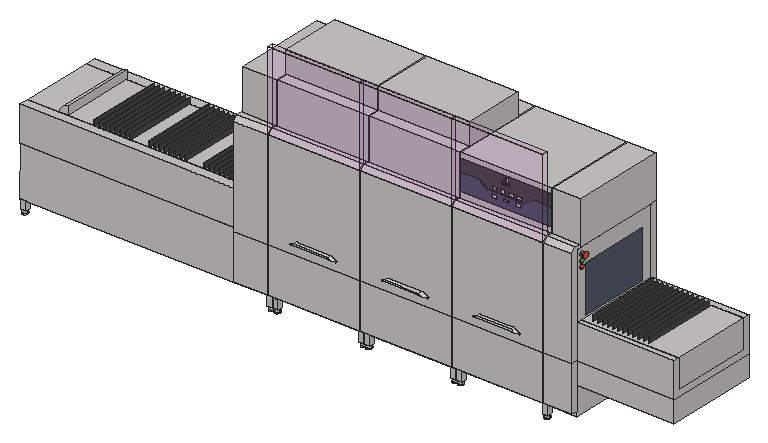
Revit family "QF_ELECTROLUXPROFESSIONAL_520141_EFTD052EL3U5D1M5ER385", category Attrezzature speciali, Revit 2020
Family settings
  Quota connettore circolare = Usa diametro
  Tipo di parte = Normale
  Basato su piano di lavoro = No
  Sempre verticale = Sì
  Taglio con vuoti quando caricato = No
  Condiviso = No
  Punto di calcolo locali = No
Parameters (values of type "Standard")
  Weight = 1060.00 kg
  Watts = 42700 W
  Volts = 380 V
  URL Manufacturer = "https://www.electroluxprofessional.com/"
  URL = "https://www.electroluxprofessional.com/"
  Steam Supply Size = 0 mm
  Steam Supply Minimum Pressure = 0.0 Pa
  Steam Supply Maximum Pressure = 0.0 Pa
  Steam Consumption per Hour = 0
  Show Logo [instance] = yes
  Show Clearance [instance] = yes
  Refrigeration Suction Line Size = 0 mm
  Refrigeration Liquid Line Size = 0 mm
  Refrigerant Compressor Remote = yes
  Prospetto di default = 0 mm
  Produttore = "Electrolux Professional"
  Phase = 3
  Modello = "EFTD052EL3U5D1M5ER385"
  Length Actual = 5700 mm  # constant formula
  Item Number = "520141"
  Hot Water Size = 0 mm
  Height Actual = 1983 mm  # constant formula
  HP = "57.3 HP"
  Gas Size = 0 mm
  Gas KW = 0
  Gas Input Pressure = 0 W
  Direct Waste Size = 50.8 mm
  Descrizione = "FT, 1Tank, 5200D/H, El., 1100mm loading, 2200mm unloading, 1Dryer, 75mm conveyor,ESD,R>L,380V50Hz3P"
  Depth Actual = 946 mm  # constant formula
  Cycle = 50 Hz
  Condensate Return Size = 0 mm
  Compressed Air Volume = 0.0 L/s
  Compressed Air Size = 0 mm
  Compressed Air Pressure = 0.0 Pa
  Cold Water Size = 0 mm
  Accessory = yes
Reference planes
  plane 1 "Centro (Fronte/Retro)": y = 0
  plane 2: z = 0
  plane 3 "Centro (Sinistra/Destra)": x = 0
  plane 4: z = 115
Forms (mm)
  Extrusion 1, solid, material "QF_Finishes_Stainless Steel"
    sketch origin (3482.404, 2, 1806.023) x (1, 0, 0) y (0, 0, 1)
      loop
        line (407.596, -163.023) -> (407.596, -183.023) -> (427.596, -183.023) -> (427.596, -163.023) -> (407.596, -163.023)
    from 0 to 2
  Extrusion 2, solid, material "QF_Finishes_Stainless Steel"
    sketch origin (-5.617, -27.536, 1290.159) x (0, 0, -1) y (0, 1, 0)
      loop
        circle (1102.159, -772.464) r 25
    from -9.383 to 5.617
  Extrusion 3, solid, material "QF_Finishes_Stainless Steel"
    sketch origin (1547.841, 200.464, 109.383) x (1, 0, 0) y (0, 1, 0)
      loop
        circle (1102.159, -772.464) r 10
    from -9.383 to 5.617
Dimensions and locks
  plane 4 to level = 115 mm
  Extrusion 2 to nested 25 = 750 mm
  aligned and locked: level to plane 2
Nested families
  nested 1: "MODULO_CENTER_800_FAN" at (2583.563, -388.258, 0), Show Clearance <- "Show Clearance", type "MODULO_CENTER_800_FAN"
    with Show Logo yes, Show Clearance yes, R_L no, L_R yes
  nested 2: "MODULO_CENTER_800_FAN" at (3383.563, -388.258, 0), Show Clearance <- "Show Clearance", type "MODULO_CENTER_800_FAN"
    with Show Logo yes, Show Clearance yes, R_L no, L_R yes
  nested 3: "MODULO_CENTER_800" at (4183.563, -388.258, 0), Show Clearance <- "Show Clearance", type "MODULO_CENTER_800"
    with Show Logo yes, Show Clearance yes, R_L no, L_R yes
  nested 4: "Piedino_Square_115H" at (23.5, -73.5, 0), type "Piedino_Square_115H"
  nested 5: "Piedino_Square_115H" at (2176.5, -73.5, 0), type "Piedino_Square_115H"
  nested 6: "Piedino_Square_115H" at (2223.5, -838.5, 0), type "Piedino_Square_115H"
  nested 7: "Piedino_Square_115H" at (2223.5, -73.5, 0), type "Piedino_Square_115H"
  nested 8: "Piedino_Square_115H" at (2976.5, -838.5, 0), type "Piedino_Square_115H"
  nested 9: "Piedino_Square_115H" at (2976.5, -73.5, 0), type "Piedino_Square_115H"
  nested 10: "Piedino_Square_115H" at (3023.5, -838.5, 0) x (-1, 0, 0) z (0, 0, 1), type "Piedino_Square_115H"
  nested 11: "Piedino_Square_115H" at (3023.5, -73.5, 0) x (-1, 0, 0) z (0, 0, 1), type "Piedino_Square_115H"
  nested 12: "Piedino_Square_115H" at (3776.5, -838.5, 0) x (-1, 0, 0) z (0, 0, 1), type "Piedino_Square_115H"
  nested 13: "Piedino_Square_115H" at (3776.5, -73.5, 0) x (-1, 0, 0) z (0, 0, 1), type "Piedino_Square_115H"
  nested 14: "Piedino_Square_115H" at (3823.5, -838.5, 0), type "Piedino_Square_115H"
  nested 15: "Piedino_Square_115H" at (3823.5, -73.5, 0), type "Piedino_Square_115H"
  nested 16: "Piedino_Square_115H" at (4576.5, -838.5, 0), type "Piedino_Square_115H"
  nested 17: "Piedino_Square_115H" at (4576.5, -73.5, 0), type "Piedino_Square_115H"
  nested 18: "MANIGLIA_FLIGHT_400" at (4200, -912, 639.28) x (1, 0, 0) z (0, -1, 0), type "MANIGLIA_FLIGHT_400"
  nested 19: "MANIGLIA_FLIGHT_400" at (3400, -912, 639.28) x (1, 0, 0) z (0, -1, 0), type "MANIGLIA_FLIGHT_400"
  nested 20: "MANIGLIA_FLIGHT_400" at (2600, -912, 639.28) x (1, 0, 0) z (0, -1, 0), type "MANIGLIA_FLIGHT_400"
  nested 21: "Schermo_Flight_800" at (4200, -815, 1593) x (1, 0, 0) z (0, -1, 0), type "Schermo_Flight_800"
  nested 22: "ELX_LOGO_WORDS_WHITE" at (4200, -816.6, 1683) x (1, 0, 0) z (0, -1, 0), Show Logo <- "Show Logo", visible <- "Show Logo", type "ELX_LOGO_WORDS_WHITE"
    with Show Logo yes
  nested 23: "ELX_LOGO_MONO_SMALL_WHITE" at (4190.08, -816.6, 1669) x (-1, 0, 0) z (0, -1, 0), Show Logo <- "Show Logo", visible <- "Show Logo", type "ELX_LOGO_MONO_SMALL_WHITE"
    with Show Logo yes
  nested 24: "MODULO_ENTRY_DISH_1100" at (4991.437, -523.742, 0) x (-1, 0, 0) z (0, 0, 1), type "MODULO_ENTRY_DISH_1100"
    with Show Logo yes, Show Clearance yes, R_L yes, L_R no
  nested 25: "MODULO_USCITA_DISH_2200" at (1841.437, -523.742, 0) x (-1, 0, 0) z (0, 0, 1), type "MODULO_USCITA_DISH_2200"
    with Show Logo yes, Show Clearance yes, R_L no, L_R yes
  nested 26: "Piedino_Square_115H" at (23.5, -838.5, 0), type "Piedino_Square_115H"
  nested 27: "Piedino_Square_115H" at (2176.5, -838.5, 0), type "Piedino_Square_115H"
Connectors
  electrical at (3900, 2, 1633)
    settings: on Extrusion 1, index 69, voltage 0 V, apparent load 0 VA, apparent load phase1 0 VA, apparent load phase2 0 VA, apparent load phase3 0 VA, power factor 1, load classification "Altro", number of poles 1, system type 30, power factor state 1, is connector primary yes, connector utility no, sub classification motor no, connector description "EI"
  piping at (-15, -800, 188), diameter 50
    settings: on Extrusion 2, index 70, connector inside diameter 609.6 mm, connector length 0 mm, flow factor 0, pipe flow 0.0 L/s, pressure drop 0.0 Pa, fitting loss kfactor 0, connector angle 0.00°, fixture units 0, engagement length 0 mm, angle of deflection 0.00°, flow configuration 0, flow direction 0, fitting loss method 0, system type 29, joint type 0, gender type 0, connector reference index -1, connector utility 0, adjustable connector no, is connector primary yes, connector description "D"
  piping at (2650, -572, 100), diameter 19.1
    settings: on Extrusion 3, index 72, connector inside diameter 609.6 mm, connector length 0 mm, flow factor 0, pipe flow 0.0 L/s, pressure drop 0.0 Pa, fitting loss kfactor 0, connector angle 0.00°, fixture units 0, engagement length 0 mm, angle of deflection 0.00°, flow configuration 0, flow direction 0, fitting loss method 0, system type 29, joint type 0, gender type 0, connector reference index -1, connector utility 0, adjustable connector no, is connector primary no, connector description "HWI/CWI"
Definition of nested family "MODULO_CENTER_800_FAN"
  Parameters (values of type "MODULO_CENTER_800_FAN")
    URL = "http://professional.electrolux.com"
    Show Logo [instance] = yes
    R_L [instance] = not(L_R)  # no
    Default Elevation = 0 mm
    Manufacturer = "Electrolux"
    Model = "ESR10E5"
    Length Actual = 800 mm
    Show Clearance [instance] = yes
    L_R [instance] = yes
    Height Actual = 1792 mm
    Description = "SINGLE RINSE RT, 100R/H, ELECTRIC 50HZ"
    Depth Actual = 912 mm
  Reference planes
    plane 1 "Center X": y = -67.742
    plane 2: z = 0
    plane 3 "LEFT": x = -383.563
    plane 4 "RIGHT": x = 416.437
    plane 5 "BACK": y = 388.258
    plane 6 "FEET": z = 115
    plane 7: z = 2092
    plane 8 "TOP": z = 1792
    plane 9 "FRONT": y = -523.742
    plane 10 "Left/Right": x = 16.437
    plane 11 "TopVent": z = 1983
  Forms (mm)
    Extrusion 1, solid
      sketch origin (416.437, 479.936, 4000) x (0, 1, 0) y (0, 0, 1)
        loop
          line (-91.678, -2208) -> (-906.678, -2208) -> (-906.678, -2580) -> (-91.678, -2580) -> (-91.678, -2208)
      from -800 to 0
    Extrusion 2, solid
      sketch origin (-383.563, 437.565, 3910) x (0, 1, 0) y (0, 0, 1)
        loop
          line (-99.307, -2490) -> (-911.307, -2490) -> (-911.307, -3552) -> (-99.307, -3552) -> (-99.307, -2490)
      from 800 to 0
    Extrusion 3, solid
      sketch origin (416.437, 479.936, 4299) x (0, 1, 0) y (0, 0, 1)
        loop
          line (-278.21, -2316) -> (-803.678, -2316) -> (-803.678, -2507) -> (-278.21, -2507) -> (-278.21, -2316)
      from -800 to 0
    Extrusion 4, solid
      sketch origin (16.437, 0, 1.5) x (0, 0, 1) y (0, -1, 0)
        loop
          line (356.5, -338.258) -> (356.5, 473.742) -> (113.5, 473.742) -> (113.5, -338.258) -> (356.5, -338.258)
      from 400 to -400
    Extrusion 5, solid
      sketch origin (16.437, 0, 0) x (0, 0, 1) y (0, -1, 0)
        loop
          line (1420, -338.258) -> (545, -338.258) -> (545, -388.258) -> (1420, -388.258) -> (1420, -338.258)
      from -400 to 400
    Extrusion 6, solid
      sketch origin (16.437, 0, 0) x (0, 0, 1) y (0, -1, 0)
        loop
          line (545, -388.258) -> (545, -338.258) -> (154, -338.258) -> (154, -388.258) -> (545, -388.258)
      from -400 to 400
    Extrusion 7, solid
      sketch origin (16.437, -882.484, -150) x (0, -1, 0) y (0, 0, 1)
        loop
          line (-358.742, 304) -> (-358.742, 695) -> (-408.742, 695) -> (-408.742, 304) -> (-358.742, 304)
      from -400 to 400
    Extrusion 8, solid
      sketch origin (16.437, -882.484, -151) x (0, -1, 0) y (0, 0, 1)
        loop
          line (-408.742, 1571) -> (-408.742, 696) -> (-358.742, 696) -> (-358.742, 1556) -> (-395.742, 1593) -> (-443.742, 1593) -> (-443.742, 1571) -> (-408.742, 1571)
      from -400 to 400
    Extrusion 9, solid, visible <- "Show Clearance"
      sketch origin (16.437, -882.484, 452) x (0, -1, 0) y (0, 0, 1)
        loop
          line (-408.742, 1640) -> (-408.742, 953.624) -> (-358.742, 953.624) -> (-358.742, 1640) -> (-408.742, 1640)
      from -400 to 400
  Dimensions and locks
    plane 3 "LEFT" to plane 4 "RIGHT" = 800 mm
    plane 5 "BACK" to plane 1 "Center X" to plane 9 "FRONT" = 456 mm, 456 mm
    plane 6 "FEET" to level = 115 mm  (x2)
    plane 6 "FEET" to plane 8 "TOP" = 1677 mm
    plane 5 "BACK" to plane 9 "FRONT" = 912 mm  (x2)
    plane 4 "RIGHT" to plane 3 "LEFT" = 800 mm
    plane 9 "FRONT" to plane 5 "BACK" = 912 mm
    level to plane 8 "TOP" = 1792 mm  (x2)
    plane 7 to level = 2092 mm
    plane 11 "TopVent" to plane 2 = 1983 mm
    plane 7 to plane 2 = 2092 mm
    Extrusion 2 to level = 1420 mm
    Extrusion 8 to level = 1442 mm
    plane 11 "TopVent" to level = 1983 mm
    aligned and locked: level to plane 2
Definition of nested family "MODULO_CENTER_800"
  Parameters (values of type "MODULO_CENTER_800")
    URL = "http://professional.electrolux.com"
    Show Logo [instance] = yes
    R_L [instance] = not(L_R)  # no
    Default Elevation = 0 mm
    Manufacturer = "Electrolux"
    Model = "ESR10E5"
    Length Actual = 800 mm
    Show Clearance [instance] = yes
    L_R [instance] = yes
    Height Actual = 1792 mm
    Description = "SINGLE RINSE RT, 100R/H, ELECTRIC 50HZ"
    Depth Actual = 912 mm
  Reference planes
    plane 1 "Center X": y = -67.742
    plane 2: z = 0
    plane 3 "LEFT": x = -383.563
    plane 4 "RIGHT": x = 416.437
    plane 5 "BACK": y = 388.258
    plane 6 "FEET": z = 115
    plane 7: z = 2092
    plane 8 "TOP": z = 1792
    plane 9 "FRONT": y = -523.742
    plane 10 "Left/Right": x = 16.437
  Forms (mm)
    Extrusion 1, solid
      sketch origin (416.437, 479.936, 4000) x (0, 1, 0) y (0, 0, 1)
        loop
          line (-91.678, -2208) -> (-906.678, -2208) -> (-906.678, -2580) -> (-91.678, -2580) -> (-91.678, -2208)
      from -800 to 0
    Extrusion 2, solid
      sketch origin (-383.563, 437.565, 3915) x (0, 1, 0) y (0, 0, 1)
        loop
          line (-99.307, -2495) -> (-911.307, -2495) -> (-911.307, -3557) -> (-99.307, -3557) -> (-99.307, -2495)
      from 800 to 0
    Extrusion 3, solid
      sketch origin (16.437, 0, 1.5) x (0, 0, 1) y (0, -1, 0)
        loop
          line (356.5, -338.258) -> (356.5, 473.742) -> (113.5, 473.742) -> (113.5, -338.258) -> (356.5, -338.258)
      from 400 to -400
    Extrusion 4, solid
      sketch origin (16.437, 0, 0) x (0, 0, 1) y (0, -1, 0)
        loop
          line (1420, -338.258) -> (545, -338.258) -> (545, -388.258) -> (1420, -388.258) -> (1420, -338.258)
      from -400 to 400
    Extrusion 5, solid
      sketch origin (16.437, 0, 0) x (0, 0, 1) y (0, -1, 0)
        loop
          line (545, -388.258) -> (545, -338.258) -> (154, -338.258) -> (154, -388.258) -> (545, -388.258)
      from -400 to 400
    Extrusion 6, solid
      sketch origin (16.437, -882.484, -150) x (0, -1, 0) y (0, 0, 1)
        loop
          line (-358.742, 304) -> (-358.742, 695) -> (-408.742, 695) -> (-408.742, 304) -> (-358.742, 304)
      from -400 to 400
    Extrusion 7, solid
      sketch origin (16.437, -882.484, -151) x (0, -1, 0) y (0, 0, 1)
        loop
          line (-408.742, 1571) -> (-408.742, 696) -> (-358.742, 696) -> (-358.742, 1556) -> (-395.742, 1593) -> (-443.742, 1593) -> (-443.742, 1571) -> (-408.742, 1571)
      from -400 to 400
    Extrusion 8, solid, visible <- "Show Clearance"
      sketch origin (16.437, -882.484, 452) x (0, -1, 0) y (0, 0, 1)
        loop
          line (-408.742, 1640) -> (-408.742, 953.624) -> (-358.742, 953.624) -> (-358.742, 1640) -> (-408.742, 1640)
      from -400 to 400
  Dimensions and locks
    plane 3 "LEFT" to plane 4 "RIGHT" = 800 mm
    plane 5 "BACK" to plane 1 "Center X" to plane 9 "FRONT" = 456 mm, 456 mm
    plane 6 "FEET" to level = 115 mm  (x2)
    plane 6 "FEET" to plane 8 "TOP" = 1677 mm
    plane 5 "BACK" to plane 9 "FRONT" = 912 mm  (x2)
    plane 4 "RIGHT" to plane 3 "LEFT" = 800 mm
    plane 9 "FRONT" to plane 5 "BACK" = 912 mm
    level to plane 8 "TOP" = 1792 mm  (x2)
    plane 7 to level = 2092 mm
    plane 7 to plane 2 = 2092 mm
    Extrusion 2 to level = 1420 mm
    Extrusion 7 to level = 1442 mm
    aligned and locked: level to plane 2
Definition of nested family "Piedino_Square_115H"
  Parameters (values of type "Piedino_Square_115H")
    Default Elevation = 0 mm
  Reference planes
    plane 1 "Centro (Fronte/Retro)": y = 0
    plane 2: z = 0
    plane 3 "Centro (Sinistra/Destra)": x = 0
    plane 4: z = 115
  Forms (mm)
    Extrusion 1, solid
      sketch origin (0, 0, 0) x (1, 0, 0) y (0, 1, 0)
        loop
          circle (0, 0) r 23
      from 0 to 5
    Extrusion 2, solid
      sketch origin (0, 0, 5) x (1, 0, 0) y (0, 1, 0)
        loop
          circle (0, 0) r 20
      from 0 to 25.777
    Extrusion 3, solid
      sketch origin (0, 0, 30.777) x (1, 0, 0) y (0, 1, 0)
        loop
          line (-23.5, 23.5) -> (-23.5, -23.5) -> (23.5, -23.5) -> (23.5, 23.5) -> (-23.5, 23.5)
      from 0 to 84.223
  Dimensions and locks
    plane 4 to level = 115 mm  (x2)
    radius of Extrusion 1 sketch curve = 23 mm
    aligned and locked: level to plane 2
    aligned and locked: Extrusion 1 to level
Definition of nested family "MANIGLIA_FLIGHT_400"
  Parameters
    Default Elevation = 1219.2 mm
  Reference planes
    plane 1 "Centro (Fronte/Retro)": y = 0
    plane 2: z = 0
    plane 3 "Centro (Sinistra/Destra)": x = 0
  Forms (mm)
    Extrusion 1, solid
      sketch origin (0, 0, 0) x (1, 0, 0) y (0, 1, 0)
        loop
          line (-1219.2, 1219.2) -> (-1219.2, -1219.2) -> (1219.2, -1219.2) -> (1219.2, 1219.2) -> (-1219.2, 1219.2)
      from 0 to -304.8
    Extrusion 2, solid
      sketch origin (-503, 656.113, -50) x (-1, 0, 0) y (0, 1, 0)
        loop
          line (-651.038, -638.613) -> (-703, -668.613) -> (-703, -673.613) -> (-658.503, -673.613) -> (-623.862, -653.613) -> (-382.138, -653.613) -> (-347.497, -673.613) -> (-303, -673.613) -> (-303, -668.613) -> (-354.962, -638.613) -> (-651.038, -638.613)
      from -86.258 to -50
    Extrusion 3, void
      sketch origin (0, -681.887, 358.742) x (0, 0, 1) y (0, 1, 0)
        loop
          line (-322.484, 684.387) -> (-353.281, 664.387) -> (-322.484, 664.387) -> (-322.484, 684.387)
      from -200 to 200
  Cuts and joins
    Extrusion 3 cuts Extrusion 2
  Dimensions and locks
    cut or joined group of Extrusion 2, Extrusion 3 to cut or joined group of Extrusion 2, Extrusion 3 = 400 mm
    cut or joined group of Extrusion 2, Extrusion 3 to cut or joined group of Extrusion 2, Extrusion 3 = 35 mm
    aligned and locked: plane 2 to Extrusion 1
    aligned and locked: level to Extrusion 1
Definition of nested family "Schermo_Flight_800"
  Parameters (values of type "Schermo_Flight_800")
    Default Elevation = 1219.2 mm
  Reference planes
    plane 1 "Center (Front/Back)": y = 0
    plane 2: z = 0
    plane 3 "Center (Left/Right)": x = 0
  Forms (mm)
    Extrusion 1, solid
      sketch origin (0, 0, 0) x (1, 0, 0) y (0, 1, 0)
        loop
          line (-1219.2, 1219.2) -> (-1219.2, -1219.2) -> (1219.2, -1219.2) -> (1219.2, 1219.2) -> (-1219.2, 1219.2)
      from 0 to -304.8
    Extrusion 2, solid
      sketch origin (0, -25, 0) x (1, 0, 0) y (0, 1, 0)
        loop
          line (-400, -82.94) -> (400, -82.94) -> (400, 70.507) -> (238.561, 70.507) -> (167.154, 20.507) -> (-167.154, 20.507) -> (-238.561, 70.507) -> (-400, 70.507) -> (-400, -82.94)
        loop
          line (-126.915, -7.668) -> (-126.915, -27.668) -> (-81.915, -27.668) -> (-81.915, -7.668) -> (-126.915, -7.668)
        loop
          line (-22.5, -7.668) -> (-22.5, -27.668) -> (22.5, -27.668) -> (22.5, -7.668) -> (-22.5, -7.668)
        loop
          line (126.915, -7.668) -> (81.915, -7.668) -> (81.915, -27.668) -> (126.915, -27.668) -> (126.915, -7.668)
      from 0 to 1.6
    Extrusion 3, solid
      sketch origin (0, -25, 0) x (1, 0, 0) y (0, 1, 0)
        loop
          line (-400, 177.06) -> (-400, 70.507) -> (-238.561, 70.507) -> (-167.154, 20.507) -> (167.154, 20.507) -> (238.561, 70.507) -> (400, 70.507) -> (400, 177.06) -> (-400, 177.06)
        loop
          line (-117.417, 56.68) -> (-117.417, 31.68) -> (-77.417, 31.68) -> (-77.417, 56.68) -> (-117.417, 56.68)
        loop
          line (-47.417, 56.68) -> (-47.417, 31.68) -> (-7.417, 31.68) -> (-7.417, 56.68) -> (-47.417, 56.68)
        loop
          line (27.583, 56.68) -> (27.583, 31.68) -> (67.583, 31.68) -> (67.583, 56.68) -> (27.583, 56.68)
        loop
          line (97.583, 56.68) -> (97.583, 31.68) -> (137.583, 31.68) -> (137.583, 56.68) -> (97.583, 56.68)
      from 0 to 1.6
    Extrusion 4, solid
      sketch origin (0, 0, 0) x (1, 0, 0) y (0, 1, 0)
        loop
          line (-117.417, 31.68) -> (-117.417, 6.68) -> (-77.417, 6.68) -> (-77.417, 31.68) -> (-117.417, 31.68)
        loop
          line (-47.417, 31.68) -> (-47.417, 6.68) -> (-7.417, 6.68) -> (-7.417, 31.68) -> (-47.417, 31.68)
        loop
          line (27.583, 31.68) -> (27.583, 6.68) -> (67.583, 6.68) -> (67.583, 31.68) -> (27.583, 31.68)
        loop
          line (97.583, 31.68) -> (97.583, 6.68) -> (137.583, 6.68) -> (137.583, 31.68) -> (97.583, 31.68)
        loop
          line (-126.915, -32.668) -> (-126.915, -52.668) -> (-81.915, -52.668) -> (-81.915, -32.668) -> (-126.915, -32.668)
        loop
          line (-22.5, -32.668) -> (-22.5, -52.668) -> (22.5, -52.668) -> (22.5, -32.668) -> (-22.5, -32.668)
        loop
          line (81.915, -32.668) -> (81.915, -52.668) -> (126.915, -52.668) -> (126.915, -32.668) -> (81.915, -32.668)
      from 0 to 1.6
  Dimensions and locks
    Extrusion 3 to Extrusion 3 = 800 mm
    Extrusion 2 to Extrusion 3 = 260 mm
    aligned and locked: plane 2 to Extrusion 1
    aligned and locked: level to Extrusion 1
Definition of nested family "ELX_LOGO_WORDS_WHITE"
  Parameters (values of type "ELX_LOGO_WORDS_WHITE")
    Show Logo [instance] = yes
    Default Elevation = 0 mm
  Reference planes
    plane 1 "Centro (Fronte/Retro)": y = 0
    plane 2: z = 0
    plane 3 "Centro (Sinistra/Destra)": x = 0
  Forms (mm)
    Extrusion 1, solid
      sketch origin (0, 0, 0) x (1, 0, 0) y (0, 1, 0)
        loop
          line (-1219.2, 1219.2) -> (-1219.2, -1219.2) -> (1219.2, -1219.2) -> (1219.2, 1219.2) -> (-1219.2, 1219.2)
      from 0 to -304.8
    Extrusion 2, solid, visible <- "Show Logo"
      sketch origin (0, 0, 0) x (1, 0, 0) y (0, 1, 0)
        loop
          line (-30.234, 10.561) -> (-37.67, 10.561) -> (-37.67, 1.902)
          arc (-37.67, 1.902) -> (-36.691, -0.461) -> (-34.329, -1.439) r 3.341
          line (-34.329, -1.439) -> (-30.09, -1.439) -> (-30.09, 0.503) -> (-33.845, 0.503)
          arc (-33.845, 0.503) -> (-35.079, 0.92) -> (-35.604, 2.112) r 1.615
          line (-35.604, 2.112) -> (-35.604, 3.829) -> (-30.555, 3.829) -> (-30.555, 5.779) -> (-35.604, 5.779) -> (-35.604, 8.617) -> (-30.234, 8.617) -> (-30.234, 10.561)
        loop
          line (-28.622, 10.561) -> (-28.622, -1.439) -> (-26.555, -1.439) -> (-26.555, 10.561) -> (-28.622, 10.561)
        loop
          line (16.27, 10.561) -> (16.27, -1.439) -> (18.338, -1.439) -> (18.338, 10.561) -> (16.27, 10.561)
        loop
          line (-23.137, 2.393) -> (-16.354, 2.393)
          arc (-16.354, 2.393) -> (-17.415, 6.119) -> (-21.043, 7.478) r 4.298
          arc (-21.043, 7.478) -> (-24.239, 5.857) -> (-25.151, 2.393) r 4.373
          arc (-25.151, 2.393) -> (-23.951, -0.505) -> (-21.053, -1.705) r 4.097
          arc (-21.053, -1.705) -> (-18.799, -1.372) -> (-16.908, -0.099) r 5.15
          line (-16.908, -0.099) -> (-18.133, 1.125)
          arc (-18.133, 1.125) -> (-19.74, 0.161) -> (-21.607, 0.323) r 3.039
          arc (-21.607, 0.323) -> (-22.746, 1.081) -> (-23.137, 2.393) r 2.013
        loop
          line (-23.085, 3.846) -> (-18.431, 3.846)
          arc (-18.431, 3.846) -> (-19.084, 5.22) -> (-20.519, 5.727) r 1.983
          arc (-20.519, 5.727) -> (-22.175, 5.295) -> (-23.085, 3.846) r 2.321
        loop
          line (-8.297, 4.711) -> (-6.999, 6.009)
          arc (-6.999, 6.009) -> (-8.627, 7.187) -> (-10.604, 7.539) r 4.497
          arc (-10.604, 7.539) -> (-13.621, 6.437) -> (-15.204, 3.642) r 4.652
          arc (-15.204, 3.642) -> (-12.536, -1.257) -> (-7.072, -0.127) r 4.684
          line (-7.072, -0.127) -> (-8.363, 1.163)
          arc (-8.363, 1.163) -> (-11.149, 0.242) -> (-13.145, 2.393) r 2.714
          arc (-13.145, 2.393) -> (-13.006, 4.094) -> (-11.835, 5.335) r 2.578
          arc (-11.835, 5.335) -> (-9.96, 5.621) -> (-8.297, 4.711) r 2.961
        loop
          line (-5.73, 10.561) -> (-5.73, 2.36)
          arc (-5.73, 2.36) -> (-5.551, 1.13) -> (-5.09, -0.025) r 5.301
          arc (-5.09, -0.025) -> (-3.615, -1.198) -> (-1.746, -1.445) r 3.531
          line (-1.746, -1.445) -> (-1.746, 0.492)
          arc (-1.746, 0.492) -> (-2.302, 0.534) -> (-2.82, 0.74) r 1.862
          arc (-2.82, 0.74) -> (-3.484, 1.442) -> (-3.662, 2.393) r 1.713
          line (-3.662, 2.393) -> (-3.662, 5.362) -> (-1.785, 5.362) -> (-1.785, 7.24) -> (-3.662, 7.24) -> (-3.662, 10.561) -> (-5.73, 10.561)
        loop
          arc (2.004, 3.123) -> (2.152, 3.988) -> (2.578, 4.755) r 2.607
          arc (2.578, 4.755) -> (3.817, 5.391) -> (5.208, 5.362) r 2.84
          line (5.208, 5.362) -> (5.208, 7.349)
          arc (5.208, 7.349) -> (3.39, 7.177) -> (2.004, 5.989) r 3.016
          line (2.004, 5.989) -> (2.004, 7.24) -> (-0.046, 7.24) -> (-0.046, -1.439) -> (2.004, -1.439) -> (2.004, 3.123)
        loop
          circle (10.262, 2.899) r 4.599
        loop
          circle (10.262, 2.899) r 2.787
        loop
          arc (25.793, 2.175) -> (25.283, 0.772) -> (23.898, 0.213) r 1.835
          arc (23.898, 0.213) -> (22.514, 0.772) -> (22.004, 2.175) r 1.835
          line (22.004, 2.175) -> (22.004, 7.24) -> (19.919, 7.24) -> (19.919, 2.003)
          arc (19.919, 2.003) -> (21.105, -0.701) -> (23.898, -1.659) r 3.675
          arc (23.898, -1.659) -> (26.723, -0.672) -> (27.877, 2.088) r 3.675
          line (27.877, 2.088) -> (27.877, 7.24) -> (25.793, 7.24) -> (25.793, 2.175)
        loop
          line (29.126, 7.24) -> (32.128, 3.164) -> (28.83, -1.442) -> (31.052, -1.442) -> (33.241, 1.615) -> (35.462, -1.442) -> (37.67, -1.442) -> (34.419, 3.211) -> (37.392, 7.24) -> (35.135, 7.24) -> (33.234, 4.663) -> (31.362, 7.24) -> (29.126, 7.24)
        loop
          line (-35.875, -6.414) -> (-37.523, -6.414) -> (-37.523, -10.564) -> (-36.621, -10.564) -> (-36.621, -9.135) -> (-35.625, -9.135)
          arc (-35.625, -9.135) -> (-34.509, -7.66) -> (-35.875, -6.414) r 1.372
        loop
          arc (-35.664, -8.32) -> (-35.322, -7.786) -> (-35.664, -7.253) r 0.587
          line (-35.664, -7.253) -> (-36.621, -7.253) -> (-36.621, -8.32) -> (-35.664, -8.32)
        loop
          line (-29.363, -6.414) -> (-31.04, -6.414) -> (-31.04, -10.564) -> (-30.138, -10.564) -> (-30.138, -9.135) -> (-29.265, -9.135) -> (-28.669, -10.564) -> (-27.7, -10.564) -> (-28.516, -8.814)
          arc (-28.516, -8.814) -> (-28.125, -8.347) -> (-27.994, -7.752) r 1.281
          arc (-27.994, -7.752) -> (-28.406, -6.804) -> (-29.363, -6.414) r 1.37
        loop
          line (-30.138, -7.253) -> (-30.138, -8.32) -> (-29.18, -8.32)
          arc (-29.18, -8.32) -> (-28.839, -7.786) -> (-29.18, -7.253) r 0.587
          line (-29.18, -7.253) -> (-30.138, -7.253)
        loop
          circle (-22.402, -8.489) r 2.156
        loop
          circle (-22.402, -8.489) r 1.368
        loop
          line (-16.703, -6.414) -> (-16.703, -10.564) -> (-15.823, -10.564) -> (-15.823, -9.114) -> (-14.261, -9.114) -> (-14.261, -8.184) -> (-15.823, -8.184) -> (-15.823, -7.308) -> (-14.111, -7.308) -> (-14.111, -6.414) -> (-16.703, -6.414)
        loop
          line (-10.611, -6.414) -> (-10.611, -9.216)
          arc (-10.611, -9.216) -> (-10.229, -10.166) -> (-9.284, -10.561) r 1.327
          line (-9.284, -10.561) -> (-7.945, -10.561) -> (-7.945, -9.777) -> (-9.204, -9.777)
          arc (-9.204, -9.777) -> (-9.668, -9.394) -> (-9.759, -8.799) r 0.845
          line (-9.759, -8.799) -> (-8.1, -8.799) -> (-8.1, -8.015) -> (-9.759, -8.015) -> (-9.759, -7.198) -> (-7.985, -7.198) -> (-7.985, -6.414) -> (-10.611, -6.414)
        loop
          arc (4.417, -6.94) -> (3.867, -6.489) -> (3.171, -6.345) r 1.485
          arc (3.171, -6.345) -> (2.528, -6.503) -> (2, -6.902) r 1.645
          arc (2, -6.902) -> (1.902, -7.844) -> (2.51, -8.571) r 1.217
          arc (2.51, -8.571) -> (3.021, -8.741) -> (3.506, -8.976) r 4.201
          arc (3.506, -8.976) -> (3.812, -9.337) -> (3.601, -9.761) r 0.43
          arc (3.601, -9.761) -> (3.209, -9.853) -> (2.819, -9.754) r 0.846
          arc (2.819, -9.754) -> (2.482, -9.511) -> (2.275, -9.15) r 0.983
          line (2.275, -9.15) -> (1.549, -9.489)
          arc (1.549, -9.489) -> (1.811, -9.993) -> (2.232, -10.374) r 1.595
          arc (2.232, -10.374) -> (2.71, -10.578) -> (3.227, -10.63) r 1.719
          arc (3.227, -10.63) -> (3.867, -10.503) -> (4.442, -10.197) r 2.246
          arc (4.442, -10.197) -> (4.697, -9.52) -> (4.566, -8.81) r 1.349
          arc (4.566, -8.81) -> (4.282, -8.482) -> (3.919, -8.245) r 1.564
          arc (3.919, -8.245) -> (3.46, -8.04) -> (2.99, -7.864) r 8.236
          arc (2.99, -7.864) -> (2.718, -7.441) -> (3.111, -7.128) r 0.375
          arc (3.111, -7.128) -> (3.581, -7.241) -> (3.943, -7.563) r 0.998
          line (3.943, -7.563) -> (4.417, -6.94)
        loop
          line (8.225, -6.414) -> (8.225, -10.561) -> (9.077, -10.561) -> (9.077, -6.414) -> (8.225, -6.414)
        loop
          circle (14.827, -8.488) r 1.29
        loop
          circle (14.827, -8.488) r 2.154
        loop
          line (20.548, -10.561) -> (21.409, -10.561) -> (21.409, -7.954) -> (23.306, -10.561) -> (24.135, -10.561) -> (24.135, -6.414) -> (23.274, -6.414) -> (23.274, -9.101) -> (21.377, -6.414) -> (20.548, -6.414) -> (20.548, -10.561)
        loop
          line (28.435, -10.561) -> (28.839, -9.667) -> (30.373, -9.667) -> (30.777, -10.561) -> (31.693, -10.561) -> (29.942, -6.414) -> (29.142, -6.414) -> (27.519, -10.561) -> (28.435, -10.561)
        loop
          line (29.99, -8.816) -> (29.579, -7.905) -> (29.18, -8.816) -> (29.99, -8.816)
        loop
          line (35.929, -9.777) -> (35.929, -6.414) -> (35.076, -6.414) -> (35.076, -10.561) -> (37.523, -10.561) -> (37.523, -9.777) -> (35.929, -9.777)
        loop
          arc (-1.8, -6.94) -> (-2.35, -6.489) -> (-3.046, -6.345) r 1.485
          arc (-3.046, -6.345) -> (-3.689, -6.503) -> (-4.218, -6.902) r 1.645
          arc (-4.218, -6.902) -> (-4.316, -7.844) -> (-3.708, -8.571) r 1.217
          arc (-3.708, -8.571) -> (-3.197, -8.741) -> (-2.712, -8.976) r 4.201
          arc (-2.712, -8.976) -> (-2.405, -9.337) -> (-2.616, -9.761) r 0.43
          arc (-2.616, -9.761) -> (-3.008, -9.853) -> (-3.399, -9.754) r 0.846
          arc (-3.399, -9.754) -> (-3.736, -9.511) -> (-3.942, -9.15) r 0.983
          line (-3.942, -9.15) -> (-4.668, -9.489)
          arc (-4.668, -9.489) -> (-4.407, -9.993) -> (-3.985, -10.374) r 1.595
          arc (-3.985, -10.374) -> (-3.507, -10.578) -> (-2.99, -10.63) r 1.719
          arc (-2.99, -10.63) -> (-2.351, -10.503) -> (-1.775, -10.197) r 2.246
          arc (-1.775, -10.197) -> (-1.521, -9.52) -> (-1.652, -8.81) r 1.349
          arc (-1.652, -8.81) -> (-1.936, -8.482) -> (-2.298, -8.245) r 1.564
          arc (-2.298, -8.245) -> (-2.757, -8.04) -> (-3.228, -7.864) r 8.236
          arc (-3.228, -7.864) -> (-3.5, -7.441) -> (-3.107, -7.128) r 0.375
          arc (-3.107, -7.128) -> (-2.636, -7.241) -> (-2.274, -7.563) r 0.998
          line (-2.274, -7.563) -> (-1.8, -6.94)
      from 0 to 1.644
  Dimensions and locks
    aligned and locked: plane 2 to Extrusion 1
    aligned and locked: level to Extrusion 1
Definition of nested family "ELX_LOGO_MONO_SMALL_WHITE"
  Parameters (values of type "ELX_LOGO_MONO_SMALL_WHITE")
    Show Logo [instance] = yes
    Default Elevation = 1219.2 mm
  Reference planes
    plane 1 "Center (Front/Back)": y = -49
    plane 2: z = 0
    plane 3 "Center (Left/Right)": x = -9.92
  Forms (mm)
    Extrusion 1, solid
      sketch origin (0, 0, 0) x (1, 0, 0) y (0, 1, 0)
        loop
          line (-1219.2, 1219.2) -> (-1219.2, -1219.2) -> (1219.2, -1219.2) -> (1219.2, 1219.2) -> (-1219.2, 1219.2)
      from 0 to -304.8
    Extrusion 2, solid, visible <- "Show Logo"
      sketch origin (84.462, 509.781, 0) x (1, 0, 0) y (0, 1, 0)
        loop
          line (-97.736, -569.727) -> (-97.736, -547.891)
          arc (-97.736, -547.891) -> (-105.808, -558.809) -> (-97.736, -569.727) r 11.42
        loop
          arc (-96.625, -569.727) -> (-87.544, -567.663) -> (-83.169, -559.442) r 11.191
          line (-83.169, -559.442) -> (-86.782, -559.442)
          arc (-86.782, -559.442) -> (-93.235, -562.062) -> (-96.625, -568.146) r 10.49
          line (-96.625, -568.146) -> (-96.625, -569.727)
        loop
          arc (-96.625, -549.472) -> (-93.235, -555.557) -> (-86.782, -558.176) r 10.49
          line (-86.782, -558.176) -> (-83.169, -558.176)
          arc (-83.169, -558.176) -> (-87.537, -549.888) -> (-96.625, -547.611) r 11.484
          line (-96.625, -547.611) -> (-96.625, -549.472)
        loop
          line (-82.34, -570.919) -> (-82.34, -546.65) -> (-106.642, -546.65) -> (-106.642, -570.919) -> (-82.34, -570.919)
      from 0 to 1.644
  Dimensions and locks
    aligned and locked: plane 2 to Extrusion 1
    aligned and locked: level to Extrusion 1
Definition of nested family "MODULO_ENTRY_DISH_1100"
  Parameters (values of type "MODULO_ENTRY_DISH_1100")
    URL = "http://professional.electrolux.com"
    Show Logo [instance] = yes
    R_L [instance] = not(L_R)  # no
    Default Elevation = 0 mm
    Manufacturer = "Electrolux"
    Model = "ESR10E5"
    Length Actual = 800 mm
    Show Clearance [instance] = yes
    L_R [instance] = yes
    Height Actual = 1792 mm
    Description = "SINGLE RINSE RT, 100R/H, ELECTRIC 50HZ"
    Depth Actual = 912 mm
  Reference planes
    plane 1 "Center (Front/Back)": y = -67.742
    plane 2: z = 0
    plane 3 "LEFT": x = -708.563
    plane 4 "RIGHT": x = 391.437
    plane 5 "BACK": y = 388.258
    plane 6 "FRONT": y = -523.742
    plane 7 "Left/Right": x = 16.437
    plane 8 "BUTTONS": y = -427.742
    plane 9: z = 115
    plane 10 "2": y = 292.258
  Forms (mm)
    Extrusion 1, solid, visible <- "L_R"
      sketch origin (391.437, 479.936, 4000) x (0, 1, 0) y (0, 0, 1)
        loop
          line (-91.678, -2208) -> (-906.678, -2208) -> (-906.678, -2580) -> (-91.678, -2580) -> (-91.678, -2208)
      from -250 to 0
    Extrusion 2, solid
      sketch origin (-358.563, 437.565, 3910) x (0, 1, 0) y (0, 0, 1)
        loop
          line (-99.307, -2490) -> (-911.307, -2490) -> (-911.307, -3552) -> (-99.307, -3552) -> (-99.307, -2490)
      from 750 to 500
    Extrusion 3, solid
      sketch origin (-358.563, 437.565, 3910) x (0, 1, 0) y (0, 0, 1)
        loop
          line (-99.307, -3365) -> (-99.307, -3060) -> (-149.307, -3060) -> (-149.307, -3315) -> (-861.307, -3315) -> (-861.307, -3060) -> (-911.307, -3060) -> (-911.307, -3365) -> (-99.307, -3365)
      from 500 to -350
    Extrusion 4, solid
      sketch origin (16.437, 0, -4.987) x (0, 0, 1) y (0, -1, 0)
        loop
          line (362.987, -338.258) -> (362.987, 473.742) -> (119.987, 473.742) -> (119.987, -338.258) -> (362.987, -338.258)
      from 375 to 125
    Extrusion 5, solid, visible <- "L_R"
      sketch origin (16.437, 0, 0) x (0, 0, 1) y (0, -1, 0)
        loop
          line (1420, -338.258) -> (545, -338.258) -> (545, -388.258) -> (1420, -388.258) -> (1420, -338.258)
      from 125 to 375
    Extrusion 6, solid
      sketch origin (16.437, 0, 0) x (0, 0, 1) y (0, -1, 0)
        loop
          line (545, -388.258) -> (545, -338.258) -> (154, -338.258) -> (154, -388.258) -> (545, -388.258)
      from 125 to 375
    Extrusion 7, solid
      sketch origin (-708.563, 437.565, 3607.258) x (0, 1, 0) y (0, 0, 1)
        loop
          line (-99.307, -3249.258) -> (-99.307, -3062.258) -> (-911.307, -3062.258) -> (-911.307, -3249.258) -> (-99.307, -3249.258)
      from 850 to 0
    Extrusion 8, solid
      sketch origin (-358.563, 437.565, 4000) x (0, 1, 0) y (0, 0, 1)
        loop
          line (-149.307, -3150) -> (-861.307, -3150) -> (-861.307, -3405) -> (-149.307, -3405) -> (-149.307, -3150)
      from -350 to 500
    Extrusion 9, solid
      sketch origin (266.437, -882.484, -150) x (0, -1, 0) y (0, 0, 1)
        loop
          line (-358.742, 304) -> (-358.742, 695) -> (-408.742, 695) -> (-408.742, 304) -> (-358.742, 304)
      from -125 to 125
    Extrusion 10, solid, visible <- "L_R"
      sketch origin (266.437, -882.484, -151) x (0, -1, 0) y (0, 0, 1)
        loop
          line (-408.742, 1571) -> (-408.742, 696) -> (-358.742, 696) -> (-358.742, 1556) -> (-395.742, 1593) -> (-443.742, 1593) -> (-443.742, 1571) -> (-408.742, 1571)
      from -125 to 125
    Extrusion 11, solid
      sketch origin (-358.563, 437.565, 4000) x (0, 1, 0) y (0, 0, 1)
        loop
          line (-199.307, -2725.701) -> (-811.307, -2725.701) -> (-811.307, -3137.701) -> (-199.307, -3137.701) -> (-199.307, -2725.701)
      from 495.458 to 500
    Extrusion 12, solid, visible <- "R_L"
      sketch origin (266.437, 747, -151) x (0, 1, 0) y (0, 0, -1)
        loop
          line (-408.742, -1571) -> (-443.742, -1571) -> (-443.742, -1593) -> (-395.742, -1593) -> (-358.742, -1556) -> (-358.742, -696) -> (-408.742, -696) -> (-408.742, -1571)
      from -125 to 125
    Extrusion 13, solid, visible <- "R_L"
      sketch origin (16.437, -135.484, 0) x (0, 0, 1) y (0, -1, 0)
        loop
          line (1420, 338.258) -> (1420, 388.258) -> (545, 388.258) -> (545, 338.258) -> (1420, 338.258)
      from 125 to 375
    Extrusion 14, solid, visible <- "R_L"
      sketch origin (391.437, -615.42, 4000) x (0, -1, 0) y (0, 0, -1)
        loop
          line (-91.678, 2208) -> (-91.678, 2580) -> (-906.678, 2580) -> (-906.678, 2208) -> (-91.678, 2208)
      from -250 to 0
    Extrusion 15, solid
      sketch origin (-191.477, -192.742, -3) x (-1, 0, 0) y (0, 0, 1)
        loop
          line (-26.676, 853) -> (-26.676, 898) -> (-36.676, 898) -> (-36.676, 853) -> (-26.676, 853)
      from -196 to 446
    Extrusion 16, solid
      sketch origin (-146.477, -192.742, -3) x (-1, 0, 0) y (0, 0, 1)
        loop
          line (-26.676, 853) -> (-26.676, 898) -> (-36.676, 898) -> (-36.676, 853) -> (-26.676, 853)
      from -196 to 446
    Extrusion 17, solid
      sketch origin (-101.477, -192.742, -3) x (-1, 0, 0) y (0, 0, 1)
        loop
          line (-26.676, 853) -> (-26.676, 898) -> (-36.676, 898) -> (-36.676, 853) -> (-26.676, 853)
      from -196 to 446
    Extrusion 18, solid
      sketch origin (-56.477, -192.742, -3) x (-1, 0, 0) y (0, 0, 1)
        loop
          line (-26.676, 853) -> (-26.676, 898) -> (-36.676, 898) -> (-36.676, 853) -> (-26.676, 853)
      from -196 to 446
    Extrusion 19, solid
      sketch origin (-11.477, -192.742, -3) x (-1, 0, 0) y (0, 0, 1)
        loop
          line (-26.676, 853) -> (-26.676, 898) -> (-36.676, 898) -> (-36.676, 853) -> (-26.676, 853)
      from -196 to 446
    Extrusion 20, solid
      sketch origin (33.523, -192.742, -3) x (-1, 0, 0) y (0, 0, 1)
        loop
          line (-26.676, 853) -> (-26.676, 898) -> (-36.676, 898) -> (-36.676, 853) -> (-26.676, 853)
      from -196 to 446
    Extrusion 21, solid
      sketch origin (-456.477, -192.742, -3) x (-1, 0, 0) y (0, 0, 1)
        loop
          line (-26.676, 853) -> (-26.676, 898) -> (-36.676, 898) -> (-36.676, 853) -> (-26.676, 853)
      from -196 to 446
    Extrusion 22, solid
      sketch origin (-411.477, -192.742, -3) x (-1, 0, 0) y (0, 0, 1)
        loop
          line (-26.676, 853) -> (-26.676, 898) -> (-36.676, 898) -> (-36.676, 853) -> (-26.676, 853)
      from -196 to 446
    Extrusion 23, solid
      sketch origin (-366.477, -192.742, -3) x (-1, 0, 0) y (0, 0, 1)
        loop
          line (-26.676, 853) -> (-26.676, 898) -> (-36.676, 898) -> (-36.676, 853) -> (-26.676, 853)
      from -196 to 446
    Extrusion 24, solid
      sketch origin (-321.477, -192.742, -3) x (-1, 0, 0) y (0, 0, 1)
        loop
          line (-26.676, 853) -> (-26.676, 898) -> (-36.676, 898) -> (-36.676, 853) -> (-26.676, 853)
      from -196 to 446
    Extrusion 25, solid
      sketch origin (-276.477, -192.742, -3) x (-1, 0, 0) y (0, 0, 1)
        loop
          line (-26.676, 853) -> (-26.676, 898) -> (-36.676, 898) -> (-36.676, 853) -> (-26.676, 853)
      from -196 to 446
    Extrusion 26, solid
      sketch origin (-231.477, -192.742, -3) x (-1, 0, 0) y (0, 0, 1)
        loop
          line (-26.676, 853) -> (-26.676, 898) -> (-36.676, 898) -> (-36.676, 853) -> (-26.676, 853)
      from -196 to 446
  Dimensions and locks
    plane 3 "LEFT" to plane 4 "RIGHT" = 1100 mm
    plane 5 "BACK" to plane 1 "Center (Front/Back)" to plane 6 "FRONT" = 456 mm, 456 mm
    plane 5 "BACK" to plane 6 "FRONT" = 912 mm  (x2)
    plane 4 "RIGHT" to plane 3 "LEFT" = 1100 mm  (x2)
    plane 6 "FRONT" to plane 5 "BACK" = 912 mm
    plane 9 to level = 115 mm
    Extrusion 1 to level = 1792 mm
    Extrusion 3 to level = 850 mm
    aligned and locked: level to plane 2
  Nested families
    nested 1: "BOTTONE_RED_STOP" at (141.437, -427.742, 1266.906) x (0, -1, 0) z (-1, 0, 0), visible <- "L_R", type "BOTTONE_RED_STOP"
    nested 2: "BOTTONE_EMERGENCY_STOP" at (141.437, -427.742, 1370) x (0, -1, 0) z (-1, 0, 0), visible <- "L_R", type "BOTTONE_EMERGENCY_STOP"
    nested 3: "BOTTONE_GREEN_START" at (141.437, -427.742, 1316.906) x (0, -1, 0) z (-1, 0, 0), visible <- "L_R", type "BOTTONE_GREEN_START"
    nested 4: "BOTTONE_RED_STOP" at (141.437, 292.258, 1267.906) x (0, 1, 0) z (-1, 0, 0), visible <- "R_L", type "BOTTONE_RED_STOP"
    nested 5: "BOTTONE_EMERGENCY_STOP" at (141.437, 292.258, 1371) x (0, 1, 0) z (-1, 0, 0), visible <- "R_L", type "BOTTONE_EMERGENCY_STOP"
    nested 6: "BOTTONE_GREEN_START" at (141.437, 292.258, 1317.906) x (0, 1, 0) z (-1, 0, 0), visible <- "R_L", type "BOTTONE_GREEN_START"
  Definition of nested family "BOTTONE_RED_STOP"
    Parameters (values of type "BOTTONE_RED_STOP")
      Default Elevation = 1219.2 mm
    Reference planes
      plane 1 "Centro (Fronte/Retro)": y = 0
      plane 2: z = 0
      plane 3 "Centro (Sinistra/Destra)": x = 0
    Forms (mm)
      Extrusion 1, solid
        sketch origin (0, 0, 0) x (1, 0, 0) y (0, 1, 0)
          loop
            line (-1219.2, 1219.2) -> (-1219.2, -1219.2) -> (1219.2, -1219.2) -> (1219.2, 1219.2) -> (-1219.2, 1219.2)
        from 0 to -304.8
      Extrusion 2, solid
        sketch origin (-367.513, 69.533, 15) x (-1, 0, 0) y (0, 1, 0)
          loop
            circle (-367.513, -69.533) r 15
        from 0 to 15
    Dimensions and locks
      aligned and locked: plane 2 to Extrusion 1
      aligned and locked: level to Extrusion 1
  Definition of nested family "BOTTONE_EMERGENCY_STOP"
    Parameters
      Default Elevation = 1219.2 mm
    Reference planes
      plane 1 "Centro (Fronte/Retro)": y = 0
      plane 2: z = 0
      plane 3 "Centro (Sinistra/Destra)": x = 0
    Forms (mm)
      Extrusion 1, solid
        sketch origin (0, 0, 0) x (1, 0, 0) y (0, 1, 0)
          loop
            line (-1219.2, 1219.2) -> (-1219.2, -1219.2) -> (1219.2, -1219.2) -> (1219.2, 1219.2) -> (-1219.2, 1219.2)
        from 0 to -304.8
      Extrusion 2, solid
        sketch origin (0, 0, 0) x (1, 0, 0) y (0, 1, 0)
          loop
            circle (0, 0) r 15
        from 0 to 20.273
      Blend 3, solid
        base sketch origin (-49.801, 0, 0) x (1, 0, 0) y (0, 1, 0)
          loop
            circle (49.801, 0) r 15
        top sketch origin (-49.801, 0, 0) x (1, 0, 0) y (0, 1, 0)
          loop
            circle (49.801, 0) r 25
        from 20.273 to 47.605
    Dimensions and locks
      aligned and locked: plane 2 to Extrusion 1
      aligned and locked: level to Extrusion 1
  Definition of nested family "BOTTONE_GREEN_START"
    Parameters (values of type "BOTTONE_GREEN_START")
      Default Elevation = 1219.2 mm
    Reference planes
      plane 1 "Centro (Fronte/Retro)": y = 0
      plane 2: z = 0
      plane 3 "Centro (Sinistra/Destra)": x = 0
    Forms (mm)
      Extrusion 1, solid
        sketch origin (0, 0, 0) x (1, 0, 0) y (0, 1, 0)
          loop
            line (-1219.2, 1219.2) -> (-1219.2, -1219.2) -> (1219.2, -1219.2) -> (1219.2, 1219.2) -> (-1219.2, 1219.2)
        from 0 to -304.8
      Extrusion 2, solid
        sketch origin (-367.513, 69.533, 15) x (-1, 0, 0) y (0, 1, 0)
          loop
            circle (-367.513, -69.533) r 15
        from 0 to 15
    Dimensions and locks
      aligned and locked: plane 2 to Extrusion 1
      aligned and locked: level to Extrusion 1
Definition of nested family "MODULO_USCITA_DISH_2200"
  Parameters (values of type "MODULO_USCITA_DISH_2200")
    URL = "http://professional.electrolux.com"
    Show Logo [instance] = yes
    R_L [instance] = not(L_R)  # yes
    Default Elevation = 0 mm
    Manufacturer = "Electrolux"
    Model = "ESR10E5"
    Length Actual = 800 mm
    Show Clearance [instance] = yes
    L_R [instance] = no
    Height Actual = 1792 mm
    Description = "SINGLE RINSE RT, 100R/H, ELECTRIC 50HZ"
    Depth Actual = 912 mm
  Reference planes
    plane 1 "Center (Front/Back)": y = -67.742
    plane 2: z = 0
    plane 3 "LEFT": x = -358.563
    plane 4 "BACK": y = 388.258
    plane 5 "FEET": z = 115
    plane 6 "TOP": z = 1792
    plane 7 "FRONT": y = -523.742
    plane 8: x = -358.563
    plane 9: y = -427.742
    plane 10 "RIGHT": x = 1841.437
  Forms (mm)
    Extrusion 1, solid, visible <- "R_L"
      sketch origin (-358.563, 479.936, 4003) x (0, 1, 0) y (0, 0, -1)
        loop
          line (-91.678, 2211) -> (-91.678, 2583) -> (-906.678, 2583) -> (-906.678, 2211) -> (-91.678, 2211)
      from -300 to 0
    Extrusion 2, solid
      sketch origin (-358.563, 437.565, 4003) x (0, 1, 0) y (0, 0, 1)
        loop
          line (-99.307, -3458) -> (-911.307, -3458) -> (-911.307, -3888) -> (-99.307, -3888) -> (-99.307, -3458)
      from 300 to 0
    Extrusion 3, solid
      sketch origin (-358.563, 479.936, 4003) x (0, 1, 0) y (0, 0, -1)
        loop
          line (-141.678, 2583) -> (-141.678, 3458) -> (-953.678, 3458) -> (-953.678, 2583) -> (-141.678, 2583)
      from -300 to 0
    Extrusion 4, solid
      sketch origin (391.437, 437.565, 3913) x (0, 1, 0) y (0, 0, -1)
        loop
          line (-99.307, 3368) -> (-911.307, 3368) -> (-911.307, 3063) -> (-826.307, 3063) -> (-826.307, 3318) -> (-184.307, 3318) -> (-184.307, 3063) -> (-99.307, 3063) -> (-99.307, 3368)
      from 450 to -1450
    Extrusion 5, solid, visible <- "R_L"
      sketch origin (16.437, 0, 3) x (0, 0, 1) y (0, 1, 0)
        loop
          line (1417, 338.258) -> (1417, 388.258) -> (542, 388.258) -> (542, 338.258) -> (1417, 338.258)
      from 75 to 375
    Extrusion 6, solid
      sketch origin (16.437, 0, 3) x (0, 0, 1) y (0, 1, 0)
        loop
          line (542, 388.258) -> (151, 388.258) -> (151, 338.258) -> (542, 338.258) -> (542, 388.258)
      from 75 to 375
    Extrusion 7, solid
      sketch origin (391.437, 437.565, 3610.258) x (0, 1, 0) y (0, 0, -1)
        loop
          line (-99.307, 3495.258) -> (-911.307, 3495.258) -> (-911.307, 3065.258) -> (-99.307, 3065.258) -> (-99.307, 3495.258)
      from 450 to -1450
    Extrusion 8, solid
      sketch origin (1241.437, 0, 3) x (0, 1, 0) y (0, 0, 1)
        loop
          line (253.258, 847) -> (-388.742, 847) -> (-388.742, 592) -> (253.258, 592) -> (253.258, 847)
      from 600 to -1300
    Extrusion 9, solid
      sketch origin (-358.563, 437.565, 3928) x (0, 1, 0) y (0, 0, 1)
        loop
          line (-811.307, -3065.701) -> (-199.307, -3065.701) -> (-199.307, -2653.701) -> (-811.307, -2653.701) -> (-811.307, -3065.701)
      from 300 to 304.77
    Extrusion 10, solid
      sketch origin (-208.563, -115, -147) x (0, 1, 0) y (0, 0, 1)
        loop
          line (-358.742, 301) -> (-358.742, 692) -> (-408.742, 692) -> (-408.742, 301) -> (-358.742, 301)
      from -150 to 150
    Extrusion 11, solid, visible <- "R_L"
      sketch origin (-208.563, -882.484, -151) x (0, -1, 0) y (0, 0, 1)
        loop
          line (-408.742, 1571) -> (-408.742, 696) -> (-358.742, 696) -> (-358.742, 1556) -> (-395.742, 1593) -> (-443.742, 1593) -> (-443.742, 1571) -> (-408.742, 1571)
      from -150 to 150
    Extrusion 12, solid
      sketch origin (-39.574, -192.742, -3) x (-1, 0, 0) y (0, 0, 1)
        loop
          line (-26.676, 853) -> (-26.676, 898) -> (-36.676, 898) -> (-36.676, 853) -> (-26.676, 853)
      from -196 to 446
    Extrusion 13, solid
      sketch origin (5.426, -192.742, -3) x (-1, 0, 0) y (0, 0, 1)
        loop
          line (-26.676, 853) -> (-26.676, 898) -> (-36.676, 898) -> (-36.676, 853) -> (-26.676, 853)
      from -196 to 446
    Extrusion 14, solid
      sketch origin (50.426, -192.742, -3) x (-1, 0, 0) y (0, 0, 1)
        loop
          line (-26.676, 853) -> (-26.676, 898) -> (-36.676, 898) -> (-36.676, 853) -> (-26.676, 853)
      from -196 to 446
    Extrusion 15, solid
      sketch origin (95.426, -192.742, -3) x (-1, 0, 0) y (0, 0, 1)
        loop
          line (-26.676, 853) -> (-26.676, 898) -> (-36.676, 898) -> (-36.676, 853) -> (-26.676, 853)
      from -196 to 446
    Extrusion 16, solid
      sketch origin (140.426, -192.742, -3) x (-1, 0, 0) y (0, 0, 1)
        loop
          line (-26.676, 853) -> (-26.676, 898) -> (-36.676, 898) -> (-36.676, 853) -> (-26.676, 853)
      from -196 to 446
    Extrusion 17, solid
      sketch origin (185.426, -192.742, -3) x (-1, 0, 0) y (0, 0, 1)
        loop
          line (-26.676, 853) -> (-26.676, 898) -> (-36.676, 898) -> (-36.676, 853) -> (-26.676, 853)
      from -196 to 446
    Extrusion 18, solid
      sketch origin (230.426, -192.742, -3) x (-1, 0, 0) y (0, 0, 1)
        loop
          line (-26.676, 853) -> (-26.676, 898) -> (-36.676, 898) -> (-36.676, 853) -> (-26.676, 853)
      from -196 to 446
    Extrusion 19, solid
      sketch origin (275.426, -192.742, -3) x (-1, 0, 0) y (0, 0, 1)
        loop
          line (-26.676, 853) -> (-26.676, 898) -> (-36.676, 898) -> (-36.676, 853) -> (-26.676, 853)
      from -196 to 446
    Revolve 20, solid
      sketch origin (1060, 0, 850) x (1, 0, 0) y (0, 1, 0)
        loop
          line (430.204, 253.258) -> (430.204, -388.742) -> (502.335, -388.742) -> (502.335, 253.258) -> (430.204, 253.258)
        axis (430.204, 253.258) -> (430.204, -388.742)
      angle from 0 to -90
    Extrusion 21, solid, visible <- "L_R"
      sketch origin (-208.563, 747, -151) x (0, 1, 0) y (0, 0, -1)
        loop
          line (-408.742, -1571) -> (-443.742, -1571) -> (-443.742, -1593) -> (-395.742, -1593) -> (-358.742, -1556) -> (-358.742, -696) -> (-408.742, -696) -> (-408.742, -1571)
      from -150 to 150
    Extrusion 22, solid, visible <- "L_R"
      sketch origin (16.437, -135.484, 3) x (0, 0, 1) y (0, 1, 0)
        loop
          line (1417, -338.258) -> (542, -338.258) -> (542, -388.258) -> (1417, -388.258) -> (1417, -338.258)
      from 75 to 375
    Extrusion 23, solid, visible <- "L_R"
      sketch origin (-358.563, -615.42, 4003) x (0, -1, 0) y (0, 0, 1)
        loop
          line (-91.678, -2211) -> (-906.678, -2211) -> (-906.678, -2583) -> (-91.678, -2583) -> (-91.678, -2211)
      from -300 to 0
    Extrusion 24, solid
      sketch origin (440.426, -192.742, -3) x (-1, 0, 0) y (0, 0, 1)
        loop
          line (-26.676, 853) -> (-26.676, 898) -> (-36.676, 898) -> (-36.676, 853) -> (-26.676, 853)
      from -196 to 446
    Extrusion 25, solid
      sketch origin (485.426, -192.742, -3) x (-1, 0, 0) y (0, 0, 1)
        loop
          line (-26.676, 853) -> (-26.676, 898) -> (-36.676, 898) -> (-36.676, 853) -> (-26.676, 853)
      from -196 to 446
    Extrusion 26, solid
      sketch origin (530.426, -192.742, -3) x (-1, 0, 0) y (0, 0, 1)
        loop
          line (-26.676, 853) -> (-26.676, 898) -> (-36.676, 898) -> (-36.676, 853) -> (-26.676, 853)
      from -196 to 446
    Extrusion 27, solid
      sketch origin (575.426, -192.742, -3) x (-1, 0, 0) y (0, 0, 1)
        loop
          line (-26.676, 853) -> (-26.676, 898) -> (-36.676, 898) -> (-36.676, 853) -> (-26.676, 853)
      from -196 to 446
    Extrusion 28, solid
      sketch origin (620.426, -192.742, -3) x (-1, 0, 0) y (0, 0, 1)
        loop
          line (-26.676, 853) -> (-26.676, 898) -> (-36.676, 898) -> (-36.676, 853) -> (-26.676, 853)
      from -196 to 446
    Extrusion 29, solid
      sketch origin (665.426, -192.742, -3) x (-1, 0, 0) y (0, 0, 1)
        loop
          line (-26.676, 853) -> (-26.676, 898) -> (-36.676, 898) -> (-36.676, 853) -> (-26.676, 853)
      from -196 to 446
    Extrusion 30, solid
      sketch origin (710.426, -192.742, -3) x (-1, 0, 0) y (0, 0, 1)
        loop
          line (-26.676, 853) -> (-26.676, 898) -> (-36.676, 898) -> (-36.676, 853) -> (-26.676, 853)
      from -196 to 446
    Extrusion 31, solid
      sketch origin (755.426, -192.742, -3) x (-1, 0, 0) y (0, 0, 1)
        loop
          line (-26.676, 853) -> (-26.676, 898) -> (-36.676, 898) -> (-36.676, 853) -> (-26.676, 853)
      from -196 to 446
    Extrusion 32, solid
      sketch origin (915.426, -192.742, -3) x (-1, 0, 0) y (0, 0, 1)
        loop
          line (-26.676, 853) -> (-26.676, 898) -> (-36.676, 898) -> (-36.676, 853) -> (-26.676, 853)
      from -196 to 446
    Extrusion 33, solid
      sketch origin (960.426, -192.742, -3) x (-1, 0, 0) y (0, 0, 1)
        loop
          line (-26.676, 853) -> (-26.676, 898) -> (-36.676, 898) -> (-36.676, 853) -> (-26.676, 853)
      from -196 to 446
    Extrusion 34, solid
      sketch origin (1005.426, -192.742, -3) x (-1, 0, 0) y (0, 0, 1)
        loop
          line (-26.676, 853) -> (-26.676, 898) -> (-36.676, 898) -> (-36.676, 853) -> (-26.676, 853)
      from -196 to 446
    Extrusion 35, solid
      sketch origin (1050.426, -192.742, -3) x (-1, 0, 0) y (0, 0, 1)
        loop
          line (-26.676, 853) -> (-26.676, 898) -> (-36.676, 898) -> (-36.676, 853) -> (-26.676, 853)
      from -196 to 446
    Extrusion 36, solid
      sketch origin (1095.426, -192.742, -3) x (-1, 0, 0) y (0, 0, 1)
        loop
          line (-26.676, 853) -> (-26.676, 898) -> (-36.676, 898) -> (-36.676, 853) -> (-26.676, 853)
      from -196 to 446
    Extrusion 37, solid
      sketch origin (1140.426, -192.742, -3) x (-1, 0, 0) y (0, 0, 1)
        loop
          line (-26.676, 853) -> (-26.676, 898) -> (-36.676, 898) -> (-36.676, 853) -> (-26.676, 853)
      from -196 to 446
    Extrusion 38, solid
      sketch origin (1185.426, -192.742, -3) x (-1, 0, 0) y (0, 0, 1)
        loop
          line (-26.676, 853) -> (-26.676, 898) -> (-36.676, 898) -> (-36.676, 853) -> (-26.676, 853)
      from -196 to 446
    Extrusion 39, solid
      sketch origin (1230.426, -192.742, -3) x (-1, 0, 0) y (0, 0, 1)
        loop
          line (-26.676, 853) -> (-26.676, 898) -> (-36.676, 898) -> (-36.676, 853) -> (-26.676, 853)
      from -196 to 446
  Dimensions and locks
    plane 4 "BACK" to plane 1 "Center (Front/Back)" to plane 7 "FRONT" = 456 mm, 456 mm
    plane 5 "FEET" to level = 115 mm  (x2)
    plane 4 "BACK" to plane 7 "FRONT" = 912 mm  (x2)
    plane 7 "FRONT" to plane 4 "BACK" = 912 mm
    level to plane 6 "TOP" = 1792 mm
    plane 3 "LEFT" to plane 10 "RIGHT" = 2200 mm
    plane 8 to plane 10 "RIGHT" = 2200 mm
    plane 6 "TOP" to level = 1792 mm
    aligned and locked: level to plane 2
  Nested families
    nested 1: "BOTTONE_EMERGENCY_STOP" at (-58.563, -427.742, 1369) x (0, -1, 0) z (1, 0, 0), visible <- "R_L", type "BOTTONE_EMERGENCY_STOP"
    nested 2: "BOTTONE_GREEN_START" at (-58.563, -427.742, 1315.906) x (0, -1, 0) z (1, 0, 0), visible <- "R_L", type "BOTTONE_GREEN_START"
    nested 3: "BOTTONE_RED_STOP" at (-58.563, -427.742, 1265.906) x (0, -1, 0) z (1, 0, 0), visible <- "R_L", type "BOTTONE_RED_STOP"
    nested 4: "BOTTONE_EMERGENCY_STOP" at (-58.563, 292.258, 1369) x (0, 1, 0) z (1, 0, 0), visible <- "L_R", type "BOTTONE_EMERGENCY_STOP"
    nested 5: "BOTTONE_GREEN_START" at (-58.563, 292.258, 1315.906) x (0, 1, 0) z (1, 0, 0), visible <- "L_R", type "BOTTONE_GREEN_START"
    nested 6: "BOTTONE_RED_STOP" at (-58.563, 292.258, 1265.906) x (0, 1, 0) z (1, 0, 0), visible <- "L_R", type "BOTTONE_RED_STOP"
  Definition of nested family "BOTTONE_EMERGENCY_STOP"
    Parameters
      Default Elevation = 1219.2 mm
    Reference planes
      plane 1 "Centro (Fronte/Retro)": y = 0
      plane 2: z = 0
      plane 3 "Centro (Sinistra/Destra)": x = 0
    Forms (mm)
      Extrusion 1, solid
        sketch origin (0, 0, 0) x (1, 0, 0) y (0, 1, 0)
          loop
            line (-1219.2, 1219.2) -> (-1219.2, -1219.2) -> (1219.2, -1219.2) -> (1219.2, 1219.2) -> (-1219.2, 1219.2)
        from 0 to -304.8
      Extrusion 2, solid
        sketch origin (0, 0, 0) x (1, 0, 0) y (0, 1, 0)
          loop
            circle (0, 0) r 15
        from 0 to 20.273
      Blend 3, solid
        base sketch origin (-49.801, 0, 0) x (1, 0, 0) y (0, 1, 0)
          loop
            circle (49.801, 0) r 15
        top sketch origin (-49.801, 0, 0) x (1, 0, 0) y (0, 1, 0)
          loop
            circle (49.801, 0) r 25
        from 20.273 to 47.605
    Dimensions and locks
      aligned and locked: plane 2 to Extrusion 1
      aligned and locked: level to Extrusion 1
  Definition of nested family "BOTTONE_GREEN_START"
    Parameters (values of type "BOTTONE_GREEN_START")
      Default Elevation = 1219.2 mm
    Reference planes
      plane 1 "Centro (Fronte/Retro)": y = 0
      plane 2: z = 0
      plane 3 "Centro (Sinistra/Destra)": x = 0
    Forms (mm)
      Extrusion 1, solid
        sketch origin (0, 0, 0) x (1, 0, 0) y (0, 1, 0)
          loop
            line (-1219.2, 1219.2) -> (-1219.2, -1219.2) -> (1219.2, -1219.2) -> (1219.2, 1219.2) -> (-1219.2, 1219.2)
        from 0 to -304.8
      Extrusion 2, solid
        sketch origin (-367.513, 69.533, 15) x (-1, 0, 0) y (0, 1, 0)
          loop
            circle (-367.513, -69.533) r 15
        from 0 to 15
    Dimensions and locks
      aligned and locked: plane 2 to Extrusion 1
      aligned and locked: level to Extrusion 1
  Definition of nested family "BOTTONE_RED_STOP"
    Parameters (values of type "BOTTONE_RED_STOP")
      Default Elevation = 1219.2 mm
    Reference planes
      plane 1 "Centro (Fronte/Retro)": y = 0
      plane 2: z = 0
      plane 3 "Centro (Sinistra/Destra)": x = 0
    Forms (mm)
      Extrusion 1, solid
        sketch origin (0, 0, 0) x (1, 0, 0) y (0, 1, 0)
          loop
            line (-1219.2, 1219.2) -> (-1219.2, -1219.2) -> (1219.2, -1219.2) -> (1219.2, 1219.2) -> (-1219.2, 1219.2)
        from 0 to -304.8
      Extrusion 2, solid
        sketch origin (-367.513, 69.533, 15) x (-1, 0, 0) y (0, 1, 0)
          loop
            circle (-367.513, -69.533) r 15
        from 0 to 15
    Dimensions and locks
      aligned and locked: plane 2 to Extrusion 1
      aligned and locked: level to Extrusion 1
